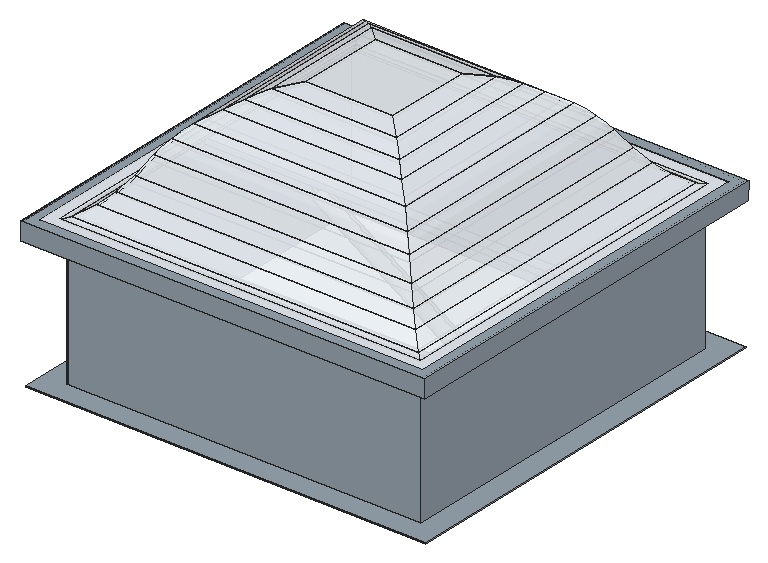
Revit family "Точечный зенитный фонарь (люк) M8CITY_Ф_st", category Окна, Revit 2017
Family settings
  Основа = Крыша
  Всегда вертикально = Нет
  При загрузке вырезать с полостями = Нет
  Общий = Нет
  Точка расчета площади = Нет
Parameters (values of type "Зенитный фонарь M8CITY Т-Ф-st")
  Электронный адрес Отдела продаж [instance] = "info@m8city.by"  # constant formula
  Ширина проёма ввод = 1200 mm
  Ширина проёма = Width  # 1200 mm
  Width = if(Ширина проёма ввод < 700 mm, 700 mm, if(Ширина проёма ввод > 1700 mm, 1700 mm, Ширина проёма ввод))  # 1200 mm
  Угол открывания [instance] = 0.00°
  Угол начальный [instance] = Угол открывания - 90.00°  # -90.00°
  Телефон [instance] = "+375 17 388 44 32, +7 495 946 99 02"  # constant formula
  Привод [instance] = 1
  Описание = "Точечный зенитный фонарь M8CITY с формованным куполом со стандартным обрамлением"  # constant formula
  МП7 = Купол зенитного фонаря Ф st : МП прозрачный 3+4 мм
  МП6 = Купол зенитного фонаря Ф st : МП прозрачный 3+3 мм
  МП4 = Купол зенитного фонаря Ф st : МП прозрачный 4 мм
  МП3 = Купол зенитного фонаря Ф st : МП прозрачный 3 мм
  ММ7 = Купол зенитного фонаря Ф st : МП молочный 3+4 мм
  ММ6 = Купол зенитного фонаря Ф st : МП молочный 3+3 мм
  ММ4 = Купол зенитного фонаря Ф st : МП молочный 4 мм
  ММ3 = Купол зенитного фонаря Ф st : МП молочный 3 мм
  Купол зенитного фонаря Ф st [instance] = 5
  Купол [instance] = if(Купол зенитного фонаря Ф st = 1, ММ3, if(Купол зенитного фонаря Ф st = 2, ММ4, if(Купол зенитного фонаря Ф st = 3, ММ6, if(Купол зенитного фонаря Ф st = 4, ММ7, if(Купол зенитного фонаря Ф st = 5, МП3, if(Купол зенитного фонаря Ф st = 6, МП4, if(Купол зенитного фонаря Ф st = 7, МП6, if(Купол зенитного фонаря Ф st = 8, МП7, ММ3))))))))  # Купол зенитного фонаря Ф st : МП прозрачный 3 мм
  Изготовитель = "ООО Завод М8 Сити Про"  # constant formula
  Длина проёма ввод = 1200 mm
  Длина проёма = Длина  # 1200 mm
  Длина = if(Длина проёма ввод < 700 mm, 700 mm, if(Длина проёма ввод > 1700 mm, 1700 mm, Длина проёма ввод))  # 1200 mm
  Высота основания = 500 mm
  Height = Высота основания + 73 mm  # 573 mm
  Видимость привода [instance] = and(Привод < 5, not(Привод = 2))  # yes
  Бренд [instance] = "M8CITY"  # constant formula
  URL = "www.m8city.by"
  230В [instance] = and(Привод < 5, or(Привод = 2, Привод = 4))  # no
Reference planes
  plane 1 "По центру (Вперед/Назад)": y = 0
  plane 2 "Крыша": z = 4000
  plane 3 "По центру (Влево/Вправо)": x = 0
  plane 4: x = -600
  plane 5: x = 600
  plane 6: y = 600
  plane 7: y = -600
  plane 8: z = 4152.4
  plane 9: z = 4652.4
  plane 10: z = 4725.4
  plane 11: z = 4622.4
  plane 12: z = 4932.4
  plane 13: x = -605
  plane 14: y = -605
  plane 15: x = 605
  plane 16: y = 605
  plane 17 "Ось петель": z = 4653.4
Forms (mm)
  Extrusion 1, solid, material "Сталь", detail levels coarse
    sketch origin (0, 0, 4000) x (1, 0, 0) y (0, 1, 0)
      loop
        line (-605, 605) -> (-605, -605) -> (605, -605) -> (605, 605) -> (-605, 605)
    from 152.4 to 652.4
  Sweep 2, solid, material "Сталь", detail levels medium+fine
    path origin (0, 0, 4000) x (1, 0, 0) y (0, 1, 0)
      loop
        line (-600, 600) -> (-600, -600) -> (600, -600) -> (600, 600) -> (-600, 600)
    profile origin (0, 600, 4000) x (0, 1, 0) y (0, 0, 1)
      loop
        line (0, 152.4) -> (80, 152.4) -> (80, 153.9) -> (1.5, 153.9) -> (1.5, 650.9) -> (78.5, 650.9) -> (78.5, 632.4) -> (80, 632.4) -> (80, 652.4) -> (0, 652.4) -> (0, 152.4)
  Blend 3, void, detail levels coarse
    base sketch origin (0, 0, 4000) x (1, 0, 0) y (0, 1, 0)
      loop
        circle (0, 0) r 300
    top sketch origin (0, 0, 4000) x (1, 0, 0) y (0, 1, 0)
      loop
        line (-600, 600) -> (-600, -600) -> (600, -600) -> (600, 600) -> (-600, 600)
    from 932.4 to 652.4
  Extrusion 4, void, detail levels coarse
    sketch origin (0, 0, 4000) x (1, 0, 0) y (0, 1, 0)
      loop
        line (-600, 600) -> (-600, -600) -> (600, -600) -> (600, 600) -> (-600, 600)
    from 152.4 to 652.4
  Revolve 5, solid, not visible
    sketch origin (0, 0, 4653.4) x (-1, 0, 0) y (0, -1, 0)
      loop
        line (-600, -33.736) -> (-600, 36.264) -> (-620, 36.264) -> (-620, -33.736) -> (-600, -33.736)
      axis (-600, 36.264) -> (-600, -33.736)
    angle from -90 <- "Угол начальный" to 0 <- "Угол открывания"
Cuts and joins
  Blend 3, Extrusion 4 cuts Extrusion 1
  Extrusion 4 cuts Sweep 2
Lines and regions (mm)
  Opening 1
    outline origin (0, 0, 4152.4) x (0, 1, 0) y (-1, 0, 0)
      loop
        line (600, 600) -> (-600, 600) -> (-600, -600) -> (600, -600) -> (600, 600)
Dimensions and locks
  equal spacing: host sketch curve, plane 3 "По центру (Влево/Вправо)", host sketch curve
  equal spacing: host sketch curve, plane 1 "По центру (Вперед/Назад)", host sketch curve
  equal spacing: plane 4, plane 3 "По центру (Влево/Вправо)", plane 5
  equal spacing: plane 6, plane 1 "По центру (Вперед/Назад)", plane 7
  "Ширина проёма": plane 4 to plane 5
  "Длина проёма": plane 6 to plane 7
  "Высота основания": plane 9 to plane 8
  "Height": plane 10 to host roof
  plane 10 to plane 9 = 73 mm
  locked: plane 9 to plane 11 at 30
  locked: plane 12 to plane 9 at 280
  plane 12 to plane 9 = 280 mm
  locked: plane 16 to plane 6 at 5
  locked: plane 5 to plane 15 at 5
  locked: plane 7 to plane 14 at 5
  locked: plane 13 to plane 4 at 5
  locked: plane 4 to nested 1 at 30
  locked: plane 9 to nested 1 at 17.5
  locked: plane 17 "Ось петель" to plane 9 at 1
  aligned and locked: level to plane 2 "Крыша"
  aligned and locked: plane 8 to host roof
  aligned and locked: Extrusion 1 to plane 8
  aligned and locked: plane 9 to Extrusion 1
  aligned and locked: Opening 1 sketch curve to plane 6
  aligned and locked: Opening 1 sketch curve to plane 5
  aligned and locked: Opening 1 sketch curve to plane 7
  aligned and locked: Opening 1 sketch curve to plane 4
  aligned and locked: Sweep 2 sketch curve to plane 6
  aligned and locked: Sweep 2 sketch curve to plane 5
  aligned and locked: Sweep 2 sketch curve to plane 7
  aligned and locked: Sweep 2 sketch curve to plane 4
  aligned and locked: Sweep 2 to plane 8
  aligned and locked: plane 9 to Sweep 2
  aligned and locked: Blend 3 sketch curve to plane 4
  aligned and locked: Blend 3 sketch curve to plane 6
  aligned and locked: Blend 3 sketch curve to plane 5
  aligned and locked: Blend 3 sketch curve to plane 7
  aligned and locked: plane 9 to Blend 3
  aligned and locked: plane 12 to Blend 3
  aligned and locked: Extrusion 1 sketch curve to plane 13
  aligned and locked: Extrusion 1 sketch curve to plane 16
  aligned and locked: Extrusion 1 sketch curve to plane 14
  aligned and locked: Extrusion 1 sketch curve to plane 15
  aligned and locked: Extrusion 4 sketch curve to plane 4
  aligned and locked: Extrusion 4 sketch curve to plane 7
  aligned and locked: Extrusion 4 sketch curve to plane 6
  aligned and locked: Extrusion 4 sketch curve to plane 5
  aligned and locked: cut or joined group of Extrusion 1, Blend 3, Extrusion 4 to plane 8
  aligned and locked: plane 9 to cut or joined group of Extrusion 1, Blend 3, Extrusion 4
  aligned and locked: plane 1 "По центру (Вперед/Назад)" to nested 1
  aligned and locked: Revolve 5 sketch curve to host roof
  aligned and locked: Revolve 5 to nested 2
  aligned and locked: plane 3 "По центру (Влево/Вправо)" to nested 3
  aligned and locked: nested 3 to plane 1 "По центру (Вперед/Назад)"
  aligned and locked: nested 3 to plane 8
Automatic sketch dimensions
  Sweep 2 sketch curve to profile plane = 0 mm
  Sweep 2 sketch curve to profile plane = 1.5 mm
  Sweep 2 sketch curve to profile plane = 78.5 mm
  Sweep 2 sketch curve to Sweep 2 sketch curve = 78.5 mm
  Sweep 2 sketch curve to Sweep 2 sketch curve = 1.5 mm  (x3)
  level to Sweep 2 sketch curve = 152.4 mm
  Sweep 2 sketch curve to Sweep 2 sketch curve = 478.5 mm
  Sweep 2 sketch curve to Sweep 2 sketch curve = 18.5 mm
  plane 1 "По центру (Вперед/Назад)" to Blend 3 sketch curve = 0 mm
  Blend 3 sketch curve to plane 3 "По центру (Влево/Вправо)" = 0 mm
  Revolve 5 sketch curve to plane 5 = 0 mm
  Revolve 5 sketch curve to plane 6 = 0 mm
  Revolve 5 sketch curve to plane 7 = 0 mm
  plane 15 to Revolve 5 sketch curve = 15 mm
  Revolve 5 sketch curve to plane 1 "По центру (Вперед/Назад)" = 33.736 mm
  plane 1 "По центру (Вперед/Назад)" to Revolve 5 sketch curve = 36.264 mm
  radius of Blend 3 sketch curve = 300 mm
Nested families
  nested 1: "Привод 230В" at (-570, 0, 4564.9), visible <- "230В", type "Привод 230В", detail levels medium+fine
  nested 2: "Купол зенитного фонаря Ф st" at (0, -6.246, 4653.4), type "МП прозрачный 4 мм", detail levels medium+fine
  nested 3: "Привод" at (0, 0, 4152.4) x (0, 1, 0) z (0, 0, 1), visible <- "Видимость привода", type "Привод", detail levels medium+fine
Definition of nested family "Привод 230В"
  Parameters (values of type "Привод 230В")
    Ширина = 1340 mm
    Длина = 1210.736 mm
  Reference planes
    plane 1 "По центру (Вперед/Назад)": y = 0
    plane 2: z = 0
    plane 3 "По центру (Влево/Вправо)": x = 0
    plane 4: z = 70
    plane 5: z = -615
    plane 6: z = -185
    plane 7: z = 55
    plane 8: z = -20
    plane 9: y = 45
    plane 10: y = -45
    plane 11: x = -850
    plane 12: x = -670
    plane 13: y = 605.368
    plane 14: x = 670
    plane 15: y = -605.368
  Forms (mm)
    Extrusion 1, solid
      sketch origin (0, 0, 0) x (1, 0, 0) y (0, 0, 1)
        loop
          line (0, -20) -> (0, -185) -> (90, -185) -> (90, -65) -> (69.016, -20) -> (0, -20)
      from -45 to 45
    Extrusion 2, solid
      sketch origin (0, 0, 0) x (1, 0, 0) y (0, 0, 1)
        loop
          line (0, -185) -> (0, -410) -> (40, -410) -> (40, -185) -> (0, -185)
      from -20 to 20
    Revolve 3, solid
      sketch origin (0, 0, 0) x (1, 0, 0) y (0, 0, 1)
        loop
          line (65, -185) -> (65, -210) -> (68, -210) -> (68, -200) -> (73, -200) -> (73, -185) -> (65, -185)
        axis (65, -185) -> (65, -210)
      angle from 0 to 360
    Revolve 4, solid
      sketch origin (0, 0, 0) x (1, 0, 0) y (0, 0, 1)
        loop
          line (12.727, 55) -> (12.727, -20) -> (25.454, -20) -> (25.454, 55) -> (12.727, 55)
        axis (12.727, -20) -> (12.727, 55)
      angle from 0 to 360
    Revolve 5, solid
      sketch origin (0, 0, 0) x (1, 0, 0) y (0, 0, 1)
        loop
          line (12.727, 55) -> (15.227, 55) -> (15.227, 70) -> (12.727, 70) -> (12.727, 55)
        axis (12.727, 70) -> (12.727, 55)
      angle from 0 to 360
    Extrusion 6, solid
      sketch origin (0, 0, 0) x (1, 0, 0) y (0, 0, 1)
        loop
          circle (12.727, 0) r 6
      from -20 to 20
  Dimensions and locks
    plane 4 to plane 2 = 70 mm
    locked: plane 2 to plane 6 at 185
    locked: plane 6 to plane 5 at 430
    locked: plane 7 to plane 2 at 55
    locked: plane 2 to plane 8 at 20
    locked: Extrusion 1 sketch curve to Extrusion 1 sketch curve at 90
    locked: plane 1 "По центру (Вперед/Назад)" to plane 9 at 45
    locked: plane 10 to plane 1 "По центру (Вперед/Назад)" at 45
    plane 1 "По центру (Вперед/Назад)" to Extrusion 2 = 20 mm
    Extrusion 2 to plane 1 "По центру (Вперед/Назад)" = 20 mm
    equal spacing: plane 12, plane 3 "По центру (Влево/Вправо)", plane 14
    equal spacing: plane 13, plane 1 "По центру (Вперед/Назад)", plane 15
    "Ширина": plane 12 to plane 14
    "Длина": plane 13 to plane 15
    aligned and locked: level to plane 2
    aligned and locked: Extrusion 2 sketch curve to plane 3 "По центру (Влево/Вправо)"
    aligned and locked: plane 9 to Extrusion 1
    aligned and locked: Extrusion 1 to plane 10
  Automatic sketch dimensions
    Extrusion 1 sketch curve to plane 3 "По центру (Влево/Вправо)" = 0 mm
    Extrusion 1 sketch curve to plane 8 = 0 mm
    Extrusion 1 sketch curve to plane 6 = 0 mm
    Extrusion 1 sketch curve to Extrusion 1 sketch curve = 20.984 mm
    Extrusion 1 sketch curve to plane 8 = 45 mm
    Revolve 3 sketch curve to plane 6 = 0 mm  (x2)
    plane 3 "По центру (Влево/Вправо)" to Revolve 3 sketch curve = 65 mm
    Revolve 3 sketch curve to Revolve 3 sketch curve = 3 mm
    Revolve 3 sketch curve to Revolve 3 sketch curve = 8 mm
    Revolve 3 sketch curve to plane 6 = 15 mm
    Revolve 3 sketch curve to Revolve 3 sketch curve = 10 mm
    Revolve 3 sketch curve to Revolve 3 sketch curve = 0 mm  (x2)
    Revolve 4 sketch curve to plane 7 = 0 mm  (x2)
    Revolve 4 sketch curve to plane 8 = 0 mm  (x2)
    plane 3 "По центру (Влево/Вправо)" to Revolve 4 sketch curve = 12.727 mm
    Revolve 4 sketch curve to Revolve 4 sketch curve = 12.727 mm
    Revolve 4 sketch curve to Revolve 4 sketch curve = 0 mm
    Revolve 5 sketch curve to plane 7 = 0 mm  (x2)
    Revolve 5 sketch curve to plane 4 = 0 mm  (x2)
    plane 3 "По центру (Влево/Вправо)" to Revolve 5 sketch curve = 12.727 mm
    Revolve 5 sketch curve to Revolve 5 sketch curve = 2.5 mm
    Revolve 5 sketch curve to Revolve 5 sketch curve = 0 mm
    Extrusion 6 sketch curve to level = 0 mm
    plane 3 "По центру (Влево/Вправо)" to Extrusion 6 sketch curve = 12.727 mm
    Extrusion 2 sketch curve to plane 6 = 0 mm
    plane 3 "По центру (Влево/Вправо)" to Extrusion 2 sketch curve = 40 mm
    plane 5 to Extrusion 2 sketch curve = 205 mm
    radius of Extrusion 6 sketch curve = 6 mm
Definition of nested family "Купол зенитного фонаря Ф st"
  Parameters (values of type "МП прозрачный 4 мм")
    Width = 1200 mm
    Толщина заполнения = 4 mm
    Default Elevation = 1219.2 mm
    Материал заполнения = none
    Длина = 1200 mm
    Analytic Construction = "<Нет>"
  Types (8, lengths in mm): name | Толщина заполнения
    МП прозрачный 3 мм | 3
    МП прозрачный 3+3 мм | 6
    МП прозрачный 3+4 мм | 7
    МП прозрачный 4 мм | 4
    МП молочный 3 мм | 3
    МП молочный 3+3 мм | 6
    МП молочный 3+4 мм | 7
    МП молочный 4 мм | 4
  Reference planes
    plane 1 "По центру (Вперед/Назад)": y = 0
    plane 2: z = 0
    plane 3 "По центру (Влево/Вправо)": x = 0
    plane 4: x = -600
    plane 5: x = 600
    plane 6: y = 600
    plane 7: y = -600
    plane 8: y = 0
  Forms (mm)
    Extrusion 1, solid, detail levels medium+fine
      sketch origin (5, 0, 0) x (1, 0, 0) y (0, 0, 1)
        loop
          line (-600, -2) -> (-600, -20.1) -> (590, -20.1) -> (590, -2) -> (630, -2) -> (630, 0) -> (-640, 0) -> (-640, -2) -> (-600, -2)
      from -20 to 20
    Sweep 2, solid, material <- "Материал заполнения", detail levels medium+fine
      path origin (0, 0, 0) x (1, 0, 0) y (0, 1, 0)
        loop
          line (-600, 600) -> (-600, -600) -> (600, -600) -> (600, 600) -> (-600, 600)
      profile origin (0, 600, 0) x (0, 1, 0) y (0, 0, 1)
        loop
          line (9.266, 0) -> (77.656, 0) -> (77.656, 5.26) -> (12.656, 5.26)
          arc (12.656, 5.26) -> (1.009, 6.689) -> (-9.946, 10.892) r 48.169
          arc (-9.946, 10.892) -> (-34.497, 25.581) -> (-57.433, 42.683) r 281.926
          arc (-57.433, 42.683) -> (-75.941, 59.53) -> (-92.788, 78.038) r 266.547
          arc (-92.788, 78.038) -> (-111.39, 101.585) -> (-128.897, 125.957) r 656.736
          arc (-128.897, 125.957) -> (-148.009, 155.562) -> (-165.505, 186.15) r 656.736
          arc (-165.505, 186.15) -> (-180.248, 209.349) -> (-198.223, 230.144) r 187.528
          arc (-198.223, 230.144) -> (-218.327, 252.945) -> (-240.756, 273.465) r 283.713
          arc (-240.756, 273.465) -> (-267.025, 293.736) -> (-294.47, 312.385) r 549.717
          arc (-294.47, 312.385) -> (-316.027, 325.063) -> (-336.872, 338.881) r 465.611
          arc (-336.872, 338.881) -> (-361.718, 353.889) -> (-388.389, 365.348) r 211.075
          arc (-388.389, 365.348) -> (-420.132, 374.958) -> (-452.583, 381.806) r 385.82
          line (-452.583, 381.806) -> (-452.583, 374.719)
          arc (-452.583, 374.719) -> (-418.606, 366.141) -> (-385.642, 354.253) r 354.714
          arc (-385.642, 354.253) -> (-360.763, 342.716) -> (-336.85, 329.292) r 354.714
          arc (-336.85, 329.292) -> (-300.561, 306.384) -> (-264.873, 282.549) r 1666.045
          arc (-264.873, 282.549) -> (-257.033, 275.606) -> (-249.28, 268.565) r 837.021
          arc (-249.28, 268.565) -> (-222.725, 245.623) -> (-199.783, 219.068) r 241.01
          arc (-199.783, 219.068) -> (-179.163, 193.877) -> (-161.577, 166.482) r 282.615
          arc (-161.577, 166.482) -> (-142.791, 135.442) -> (-122.109, 105.632) r 582.173
          arc (-122.109, 105.632) -> (-108.876, 88.453) -> (-95.013, 71.778) r 582.173
          arc (-95.013, 71.778) -> (-61.08, 38.321) -> (-22.239, 10.713) r 297.344
          arc (-22.239, 10.713) -> (-7.051, 3.697) -> (9.266, 0) r 79.851
    Extrusion 3, solid, material <- "Материал заполнения", detail levels medium+fine
      sketch origin (0, 0, 0) x (1, 0, 0) y (0, 1, 0)
        loop
          line (-147.417, 147.417) -> (-147.417, -147.417) -> (147.417, -147.417) -> (147.417, 147.417) -> (-147.417, 147.417)
      from 374.719 to 381.806
    Sweep 4, solid, detail levels medium+fine
      path origin (0, 0, 0) x (1, 0, 0) y (0, 1, 0)
        loop
          line (-600, 600) -> (-600, -600) -> (600, -600) -> (600, 600) -> (-600, 600)
      profile origin (0, 600, 0) x (0, 1, 0) y (0, 0, 1)
        loop
          line (50, 5.26) -> (85, 5.26) -> (85, -52.74) -> (87, -52.74) -> (87, 7.26) -> (50, 7.26) -> (50, 5.26)
  Dimensions and locks
    equal spacing: plane 4, plane 3 "По центру (Влево/Вправо)", plane 5
    equal spacing: plane 6, plane 1 "По центру (Вперед/Назад)", plane 7
    "Width": plane 4 to plane 5
    "Длина": plane 6 to plane 7
    locked: plane 5 to Extrusion 1 at 5
    locked: Extrusion 1 to plane 4 at 5
    locked: Extrusion 1 to Extrusion 1 at 40
    aligned and locked: level to plane 2
    aligned and locked: Sweep 2 sketch curve to plane 6
    aligned and locked: Sweep 2 sketch curve to plane 5
    aligned and locked: Sweep 2 sketch curve to plane 7
    aligned and locked: Sweep 2 sketch curve to plane 4
    aligned and locked: Extrusion 3 sketch curve to Sweep 2  (x4)
    aligned and locked: Extrusion 3 to Sweep 2  (x2)
    aligned and locked: Sweep 4 sketch curve to plane 6
    aligned and locked: Sweep 4 sketch curve to plane 5
    aligned and locked: Sweep 4 sketch curve to plane 7
    aligned and locked: Sweep 4 sketch curve to plane 4
  Automatic sketch dimensions
    Extrusion 1 sketch curve to level = 0 mm
    Extrusion 1 sketch curve to plane 4 = 35 mm
    Extrusion 1 sketch curve to level = 2 mm  (x2)
    plane 4 to Extrusion 1 sketch curve = 5 mm
    Extrusion 1 sketch curve to plane 5 = 5 mm
    plane 5 to Extrusion 1 sketch curve = 35 mm
    Extrusion 1 sketch curve to Extrusion 1 sketch curve = 18.1 mm
    Sweep 2 sketch curve to Sweep 2 sketch curve = 0 mm  (x15)
    Sweep 2 sketch curve to level = 0 mm
    profile plane to Sweep 2 sketch curve = 1207.954 mm
    Sweep 2 sketch curve to level = 347.529 mm
    profile plane to Sweep 2 sketch curve = 815.877 mm
    Sweep 2 sketch curve to Sweep 2 sketch curve = 226.313 mm
    level to Sweep 2 sketch curve = 26.926 mm
    Sweep 2 sketch curve to Sweep 2 sketch curve = 67.25 mm
    level to Sweep 2 sketch curve = 1.225 mm
    Sweep 2 sketch curve to Sweep 2 sketch curve = 6.366 mm
    Sweep 2 sketch curve to Sweep 2 sketch curve = 64.14 mm
    Sweep 2 sketch curve to Sweep 2 sketch curve = 5.591 mm
    level to Sweep 2 sketch curve = 54.183 mm
    Sweep 2 sketch curve to Sweep 2 sketch curve = 101.536 mm
    Sweep 2 sketch curve to Sweep 2 sketch curve = 12.975 mm
    Sweep 2 sketch curve to Sweep 2 sketch curve = 27.633 mm
    Sweep 2 sketch curve to Sweep 2 sketch curve = 62.42 mm
    profile plane to Sweep 2 sketch curve = 69.291 mm
    Sweep 2 sketch curve to profile plane = 9.266 mm
    Sweep 2 sketch curve to Sweep 2 sketch curve = 3.39 mm
    Sweep 2 sketch curve to profile plane = 18.658 mm
    Sweep 2 sketch curve to profile plane = 112.536 mm
    Sweep 2 sketch curve to Sweep 2 sketch curve = 9.806 mm
    Sweep 2 sketch curve to Sweep 2 sketch curve = 7.706 mm
    Sweep 2 sketch curve to Sweep 2 sketch curve = 215.589 mm
    Sweep 2 sketch curve to Sweep 2 sketch curve = 67.465 mm
    Sweep 2 sketch curve to Sweep 2 sketch curve = 743.35 mm
    Sweep 2 sketch curve to level = 151.413 mm
    level to Sweep 2 sketch curve = 27.76 mm
    Sweep 2 sketch curve to Sweep 2 sketch curve = 48.169 mm
    Sweep 2 sketch curve to Sweep 2 sketch curve = 21.02 mm
    Sweep 2 sketch curve to Sweep 2 sketch curve = 25.868 mm
    Sweep 2 sketch curve to Sweep 2 sketch curve = 22.237 mm
    Sweep 2 sketch curve to Sweep 2 sketch curve = 90.94 mm
    Sweep 2 sketch curve to Sweep 2 sketch curve = 168.711 mm
    Sweep 2 sketch curve to Sweep 2 sketch curve = 11.846 mm
    Sweep 2 sketch curve to Sweep 2 sketch curve = 6.246 mm
    Sweep 2 sketch curve to Sweep 2 sketch curve = 208.576 mm
    Sweep 2 sketch curve to Sweep 2 sketch curve = 7.087 mm
    Sweep 2 sketch curve to Sweep 2 sketch curve = 186.142 mm
    Sweep 2 sketch curve to Sweep 2 sketch curve = 44.577 mm
    Sweep 2 sketch curve to Sweep 2 sketch curve = 390.632 mm
    Sweep 2 sketch curve to Sweep 2 sketch curve = 2.747 mm
    Sweep 2 sketch curve to Sweep 2 sketch curve = 42.38 mm
    Sweep 2 sketch curve to Sweep 2 sketch curve = 24.117 mm
    Sweep 2 sketch curve to Sweep 2 sketch curve = 8.525 mm
    Sweep 2 sketch curve to Sweep 2 sketch curve = 40.973 mm
    Sweep 2 sketch curve to Sweep 2 sketch curve = 1.559 mm
    Sweep 2 sketch curve to Sweep 2 sketch curve = 32.68 mm
    Sweep 2 sketch curve to Sweep 2 sketch curve = 6.788 mm
    level to Sweep 2 sketch curve = 5.26 mm
    Sweep 2 sketch curve to Sweep 2 sketch curve = 65 mm
    level to Sweep 4 sketch curve = 5.26 mm
    Sweep 4 sketch curve to profile plane = 85 mm
    Sweep 4 sketch curve to Sweep 4 sketch curve = 2 mm  (x2)
    Sweep 4 sketch curve to level = 52.74 mm
    Sweep 4 sketch curve to Sweep 4 sketch curve = 35 mm
Definition of nested family "Привод"
  Parameters (values of type "Привод")
    Ширина = 1200 mm
    Длина = 1200 mm
    Высота = 500 mm
  Reference planes
    plane 1 "По центру (Вперед/Назад)": y = 0
    plane 2: z = 0
    plane 3 "По центру (Влево/Вправо)": x = 0
    plane 4: y = 600
    plane 5: x = -600
    plane 6: x = 600
    plane 7: y = -600
    plane 8: z = 500
  Forms (mm)
    Sweep 1, solid
      path origin (0, 0, 0) x (0, 1, 0) y (0, 0, 1)
        loop
          line (-489.019, 0) -> (223.601, 449.528)
      profile origin (0, -132.709, 224.764) x (0, -0.533528, 0.845783) y (1, 0, 0)
        loop
          circle (0, 0) r 25
    Sweep 2, solid
      path origin (0, 0, 0) x (1, 0, 0) y (0, 1, 0)
        loop
          line (0, 600) -> (0, -600)
      profile origin (0, 0, 0) x (1, 0, 0) y (0, 0, 1)
        loop
          line (-25, 0) -> (-25, 61) -> (-45, 61) -> (-45, 59.5) -> (-26.5, 59.5) -> (-26.5, 1.5) -> (-45, 1.5) -> (-45, 0) -> (-25, 0)
        loop
          line (25, 0) -> (45, 0) -> (45, 1.5) -> (26.5, 1.5) -> (26.5, 59.5) -> (45, 59.5) -> (45, 61) -> (25, 61) -> (25, 0)
    Sweep 3, solid
      path origin (0, 0, 0) x (0, 1, 0) y (0, 0, 1)
        loop
          line (287.205, 489.272) -> (223.601, 449.528)
      profile origin (0, 255.403, 469.4) x (0, 0.529919, -0.848048) y (1, 0, 0)
        loop
          circle (-0.107, -0.041) r 5
  Dimensions and locks
    equal spacing: plane 5, plane 3 "По центру (Влево/Вправо)", plane 6
    "Ширина": plane 5 to plane 6
    equal spacing: plane 4, plane 1 "По центру (Вперед/Назад)", plane 7
    "Длина": plane 4 to plane 7
    "Высота": plane 8 to level
    aligned and locked: level to plane 2
    aligned and locked: Sweep 2 sketch curve to plane 3 "По центру (Влево/Вправо)"
    aligned and locked: Sweep 1 to Sweep 3 sketch curve
  Automatic sketch dimensions
    Sweep 1 sketch curve to plane 3 "По центру (Влево/Вправо)" = 0 mm
    Sweep 1 sketch curve to profile plane = 0 mm
    Sweep 2 sketch curve to plane 7 = 0 mm
    Sweep 2 sketch curve to plane 4 = 0 mm
    Sweep 2 sketch curve to level = 0 mm  (x2)
    profile plane to Sweep 2 sketch curve = 45 mm  (x2)
    level to Sweep 2 sketch curve = 1.5 mm  (x2)
    Sweep 2 sketch curve to Sweep 2 sketch curve = 18.5 mm  (x3)
    Sweep 2 sketch curve to Sweep 2 sketch curve = 1.5 mm  (x4)
    Sweep 2 sketch curve to profile plane = 25 mm
    Sweep 2 sketch curve to Sweep 2 sketch curve = 58 mm
    Sweep 2 sketch curve to Sweep 2 sketch curve = 0 mm
    Sweep 1 sketch curve to level = 0 mm
    plane 7 to Sweep 1 sketch curve = 110.981 mm
    Sweep 1 sketch curve to plane 8 = 50.472 mm
    Sweep 1 sketch curve to plane 4 = 376.399 mm
    Sweep 3 sketch curve to plane 3 "По центру (Влево/Вправо)" = 0.041 mm
    profile plane to Sweep 3 sketch curve = 0.107 mm
    Sweep 3 sketch curve to plane 8 = 50.472 mm
    Sweep 3 sketch curve to plane 8 = 10.728 mm
    Sweep 3 sketch curve to Sweep 3 sketch curve = 63.604 mm
    radius of Sweep 1 sketch curve = 25 mm
    radius of Sweep 3 sketch curve = 5 mm
